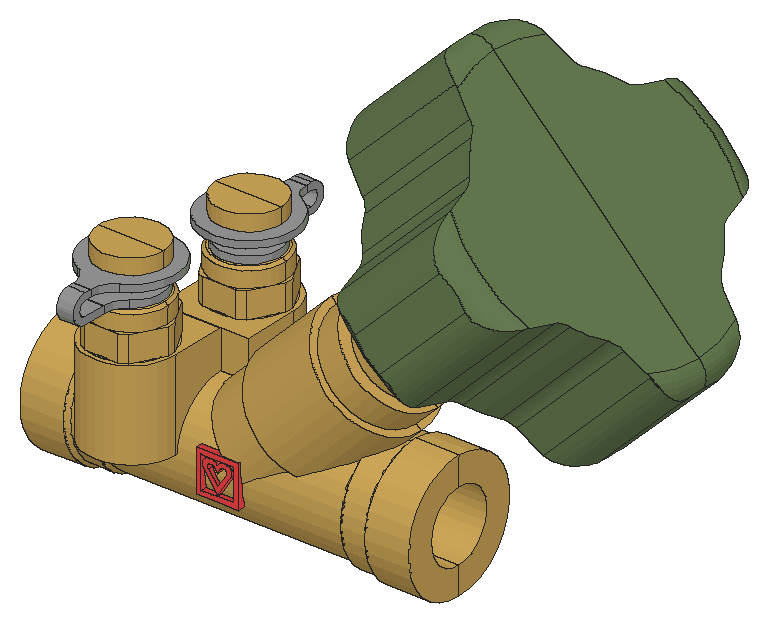
Revit family "Strangregulierventil mit Messblende für Trinkwasseranlagen 4017 MW (LF-MF)", category Rohrzubehör, Revit 2018
Family settings
  Bemaßung runder Anschluss = Durchmesser verwenden
  Teiletyp = Unterbricht
  OmniClass-Nummer = 23.65.55.14
  OmniClass-Titel = Valves for Liquid Services
  Arbeitsebenenbasiert = Nein
  Immer vertikal = Ja
  Beim Laden mit Abzugskörper schneiden = Nein
  Gemeinsam genutzt = Nein
Parameters (values of type "LF")
  kvs-Werte [instance] = if(and(Nennweite = 15.000 mm, LF), 0.46, if(and(Nennweite = 15.000 mm, MF), 0.88, 0))  # 0.46
  kv-Wert der Blende [instance] = if(and(Nennweite = 15.000 mm, LF), 0.48, if(and(Nennweite = 15.000 mm, MF), 0.97, 0))  # 0.48
  W01 = 45.00°  # constant formula
  URL = "www.herz-armaturen.at"
  SW01 = 60.00°  # constant formula
  SCRNSEQ = "FW;SBT_TYP_FW=\"109\";2"
  SCRNCODE = "04;00;02"  # constant formula
  S03 = 60.000 mm  # constant formula
  S02 [instance] = L04 + L06 + L07  # 76.800 mm
  S01 [instance] = D01 * 2  # 27.000 mm
  R03 = 21.500 mm  # constant formula
  R02 = 9.500 mm  # constant formula
  R01 = 12.000 mm  # constant formula
  O-Ringe = "EPDM"  # constant formula
  Medium = "Trinkwasser"  # constant formula
  MF = no
  LF = yes
  L10 [instance] = 28.500 mm  # constant formula
  L09 [instance] = 22.500 mm  # constant formula
  L08 [instance] = 12.700 mm  # constant formula
  L07 [instance] = 35.100 mm  # constant formula
  L06 [instance] = 6.500 mm  # constant formula
  L05 [instance] = 20.200 mm  # constant formula
  L04 [instance] = 35.200 mm  # constant formula
  L03 [instance] = 1.000 mm  # constant formula
  Hinweis = "Gemäß Art 33 der REACH-Verordnung (EG Nr. 1907/2006) sind wir verpflichtet, darauf hinzuweisen, dass der Stoff Blei auf der SVHC-Liste geführt wird und dass alle aus Messing bestehenden Bauteile, die in unseren Erzeugnissen verarbeitet sind, mehr als 0,1 % (w/w) Blei (CAS: 7439-92-1 / EINECS: 231-100-4) enthalten.\r\nDa Blei als Legierungsbestandteil fest gebunden ist, sind keine Expositionen zu erwarten und daher sind keine zusätzlichen Angaben zur sicheren Verwendung notwendig."
  Handrad = "Kunststoff, grün"  # constant formula
  H03 [instance] = H01 - 19.000 mm  # 1.000 mm
  H02 = 13.000 mm  # constant formula
  Gehäuse = "entzinkungsbeständiges Messing (DZR)"  # constant formula
  E01 [instance] = L00 / -2  # -41.500 mm
  E00 = 0.000 mm  # constant formula
  D09 [instance] = 11.750 mm  # constant formula
  D08 [instance] = 9.500 mm  # constant formula
  D07 [instance] = 12.000 mm  # constant formula
  D06 [instance] = 13.500 mm  # constant formula
  D05 [instance] = 12.500 mm  # constant formula
  D04 [instance] = Nennweite / 2  # 7.500 mm
  IG [instance] = Nennweite / 2  # 7.500 mm
  D03 [instance] = 11.900 mm  # constant formula
  D02 [instance] = 12.700 mm  # constant formula
  D01 [instance] = 13.500 mm  # constant formula
  Nennweite [instance] = 15.000 mm  # constant formula
  Max. Differenzdruck bei geschlossenen Sitz = 1000000.0 Pa  # constant formula
  Max. Betriebstemperatur bei 10 bar = 85 °C  # constant formula
  Max. Betriebsdruck bei 20°C = 2000000.0 Pa  # constant formula
  L02 [instance] = 5.000 mm  # constant formula
  L01 [instance] = 9.250 mm  # constant formula
  L00 [instance] = 83.000 mm  # constant formula
  Hersteller = "HERZ Armaturen Ges.m.b.H."  # constant formula
  H01 [instance] = 20.000 mm  # constant formula
  GT [instance] = 13.200 mm  # constant formula
  DN15 [instance] = Nennweite = 15.000 mm  # yes
  Bestellnummer [instance] = if(and(Nennweite = 15.000 mm, LF), 2401700, if(and(Nennweite = 15.000 mm, MF), 2401709, 0))  # 2401700
  Ausführung = "Nach Norm BS 7350 PN20 Serie B\r\nSchrägsitzregulierventil aus Kupferlegierung.\r\nAlle wasserberührten Metallteile sind aus entzinkungsbeständiger Kupferlegierung hergestellt.\r\nDie Oberteile sind mit nichtsteigender Spindel ausgestattet."
  Anwendungsgebiet = "Zum Absperren und Regulieren von Trinkwasseranlagen in Gebäuden bzw. zum hydraulischen Abgleich von Versorgungsleitungen."
Types (3, lengths in mm): name | kvs-Werte | kv-Wert der Blende | MF | LF | Bestellnummer
  (no name) | 0.46 | 0.48 | no | yes | 2401700
  LF | 0.46 | 0.48 | no | yes | 2401700
  MF | 0.88 | 0.97 | yes | no | 2401709
Reference planes
  plane 1 "Mitte (Vorne/hinten)": y = 0
  plane 2: z = 0
  plane 3 "Mitte (Links/rechts)": x = 0
Forms (mm)
  Revolve 1, solid, material "Messing, weicher Gelbton, geschweißt", detail levels fine
    sketch origin (470, 0, 0) x (1, 0, 0) y (0, 0, 1)
      loop
        line (-511.5, 7.5) -> (-498.3, 7.5) -> (-498.3, 0) -> (-441.7, 0) -> (-441.7, 7.5) -> (-428.5, 7.5) -> (-428.5, 13.5) -> (-437.75, 13.5) -> (-438.55, 12.7) -> (-443.55, 12.7) -> (-444.35, 11.9) -> (-495.65, 11.9) -> (-496.45, 12.7) -> (-501.45, 12.7) -> (-502.25, 13.5) -> (-511.5, 13.5) -> (-511.5, 7.5)
      axis (-511.5, 0) -> (-428.5, 0)
    angle from 0 to 360
  Revolve 2, solid, material "Messing, weicher Gelbton, geschweißt", detail levels fine
    sketch origin (0.32, 0, -0.105) x (1, 0, 0) y (0, 0, 1)
      loop
        line (-1.32, 0.105) -> (52.986, 54.411) -> (44.677, 62.719) -> (35.697, 53.739) -> (37.288, 52.148) -> (21.449, 36.309) -> (19.681, 38.076) -> (15.085, 33.48) -> (14.024, 34.541) -> (-0.259, 20.257) -> (0.448, 19.55) -> (-7.098, 12.005) -> (-6.623, 5.408) -> (-1.32, 0.105)
      axis (-1.32, 0.105) -> (52.986, 54.411)
    angle from 0 to 360
  Extrusion 3, solid, material "Messing, weicher Gelbton, geschweißt", detail levels fine
    sketch origin (0, 0, 0) x (1, 0, 0) y (0, 1, 0)
      loop
        arc (-28.5, -12) -> (-19, -21.5) -> (-9.5, -12) r 9.5
        line (-9.5, -12) -> (-9.5, 0) -> (-28.5, 0) -> (-28.5, -12)
    from 1 <- "H03" to 20 <- "H01"
  Extrusion 4, solid, material "Messing, weicher Gelbton, geschweißt", detail levels fine
    sketch origin (0, 0, 0) x (1, 0, 0) y (0, 1, 0)
      loop
        line (-22.5, 12) -> (-22.5, 0) -> (-3.5, 0) -> (-3.5, 12)
        arc (-3.5, 12) -> (-13, 21.5) -> (-22.5, 12) r 9.5
    from 0 to 20 <- "H01"
Lines and regions (mm)
  model lines, detail levels coarse+medium
    curve 1: line (-41.5, 0, 13.5) -> (-41.5, 0, -13.5)
    curve 2: line (-41.5, 0, -13.5) -> (41.5, 0, 13.5)
    curve 3: line (41.5, 0, 13.5) -> (41.5, 0, -13.5)
    curve 4: line (41.5, 0, -13.5) -> (-41.5, 0, 13.5)
    curve 5: line (0, 0, 0) -> (38.4, 0, 66.511)
    curve 6: line (12.419, 0, 81.511) -> (64.381, 0, 51.511)
    curve 7: line (-41.5, -13.5, 0) -> (-41.5, 13.5, 0)
    curve 8: line (-41.5, 13.5, 0) -> (41.5, -13.5, 0)
    curve 9: line (41.5, -13.5, 0) -> (41.5, 13.5, 0)
    curve 10: line (41.5, 13.5, 0) -> (-41.5, -13.5, 0)
    curve 11: line (0, 0, 0) -> (38.4, 66.511, 0)
    curve 12: line (12.419, 81.511, 0) -> (64.381, 51.511, 0)
Dimensions and locks
  "L00": Revolve 1 sketch curve to Revolve 1 sketch curve
  equal spacing: Revolve 1 sketch curve, plane 3 "Mitte (Links/rechts)", Revolve 1 sketch curve
  "D01": Revolve 1 sketch curve to Revolve 1 sketch curve  (x2)
  "GT": Revolve 1 sketch curve to Revolve 1 sketch curve  (x2)
  "D06": Revolve 2 sketch curve to Revolve 2 sketch curve
  "D07": Revolve 2 sketch curve to Revolve 2 sketch curve
  "D08": Revolve 2 sketch curve to Revolve 2 sketch curve
  "D09": Revolve 2 sketch curve to Revolve 2 sketch curve
  equal spacing: curve 1, plane 3 "Mitte (Links/rechts)", curve 3
  "L00": curve 1 to curve 3
  equal spacing: curve 4, plane 2, curve 2
  "S01": curve 4 to curve 1
  "S01": curve 3 to curve 4
  equal spacing: curve 3, plane 2, curve 4
  "S02": curve 5 to curve 5
  equal spacing: curve 6, curve 5, curve 6
  "S03": curve 6 to curve 6
  equal spacing: curve 7, plane 3 "Mitte (Links/rechts)", curve 9
  "L00": curve 7 to curve 9
  equal spacing: curve 10, plane 1 "Mitte (Vorne/hinten)", curve 8
  "S01": curve 8 to curve 10
  equal spacing: curve 9, plane 1 "Mitte (Vorne/hinten)", curve 10
  "S01": curve 10 to curve 9
  "S02": curve 11 to curve 11
  equal spacing: curve 12, curve 11, curve 12
  "S03": curve 12 to curve 12
  "L01": Revolve 1 sketch curve to Revolve 1 sketch curve  (x2)
  "D02": Revolve 1 sketch curve to plane 2  (x2)
  "D03": Revolve 1 sketch curve to plane 2
  "IG": Revolve 1 sketch curve to plane 2  (x2)
  "L02": Revolve 1 sketch curve to Revolve 1 sketch curve  (x2)
  "L04": Revolve 2 sketch curve to Revolve 2 sketch curve
  "L05": Revolve 2 sketch curve to Revolve 2 sketch curve
  "D03": Revolve 2 sketch curve to plane 2
  "L06": Revolve 2 sketch curve to Revolve 2 sketch curve
  "L08": Revolve 2 sketch curve to Revolve 2 sketch curve
  "L07": Revolve 2 sketch curve to Revolve 2 sketch curve
  "D04": Revolve 2 sketch curve to Revolve 2 sketch curve
  "D05": Revolve 2 sketch curve to Revolve 2 sketch curve
  "L03": plane 3 "Mitte (Links/rechts)" to Revolve 2 sketch curve  (x2)
  "D03": nested 1 to plane 1 "Mitte (Vorne/hinten)"
  "L09": Revolve 1 to Extrusion 3 sketch curve
  "R01": Extrusion 3 sketch curve to plane 1 "Mitte (Vorne/hinten)"
  "R01": plane 1 "Mitte (Vorne/hinten)" to Extrusion 4 sketch curve
  "L10": Revolve 1 to Extrusion 4 sketch curve
  "H01": nested 3 to plane 2
  "H01": nested 2 to plane 2
  "R01": nested 3 to plane 1 "Mitte (Vorne/hinten)"
  "R01": plane 1 "Mitte (Vorne/hinten)" to nested 2
  "L10": Revolve 1 to nested 2
  "L09": Revolve 1 to nested 3
  "R02": radius of Extrusion 3 sketch curve
  "R02": radius of Extrusion 4 sketch curve
  "W01": angle level to Revolve 2 sketch curve
  "SW01": angle plane 2 to curve 5
  "SW01": angle plane 1 "Mitte (Vorne/hinten)" to curve 11
  "W01": angle Revolve 1 sketch curve to Revolve 1 sketch curve  (x4)
  "W01": angle plane 2 to Revolve 2 sketch curve
  aligned and locked: level to plane 2
Automatic sketch dimensions
  curve 5 to level = 0.000 mm
  plane 1 "Mitte (Vorne/hinten)" to curve 11 = 0.000 mm
  Revolve 1 sketch curve to level = 0.000 mm  (x2)
  Revolve 1 sketch curve to Revolve 1 sketch curve = 791.990 mm
  Revolve 1 sketch curve to Revolve 1 sketch curve = 2278.983 mm
  Revolve 2 sketch curve to level = 0.000 mm  (x2)
  plane 1 "Mitte (Vorne/hinten)" to Extrusion 3 sketch curve = 0.000 mm
  plane 1 "Mitte (Vorne/hinten)" to Extrusion 4 sketch curve = 0.000 mm
Nested families
  nested 1: "Herz-Logo-vorne" at (0, -11.9, 0) x (0, 1, 0) z (0, 0, 1), type "Herz-Logo-vorne", detail levels fine
  nested 2: "Messstutzen_Band_Austritt_senkrecht_(oben)" at (-13, 12, 2.5), type "Messstutzen_Band_Austritt_senkrecht_(oben)"
    with Schutzkappe yes, Nennweite 0.000 mm, Gewicht 0.00 kg, Bestellnummer 0
  nested 3: "Messstutzen_Band_Eintritt_senkrecht_(oben)" at (-19, -12, 2.5) x (-1, 0, 0) z (0, 0, 1), type "Messstutzen_Band_Eintritt_senkrecht_(oben)"
    with Schutzkappe yes, Nennweite 0.000 mm, Gewicht 0.00 kg, Bestellnummer 0
  nested 4: "Strangregulierventil-Handrad (Grün) DN15-DN32" at (53.306, 0, 54.306), visible <- "DN15", type "Strangregulierventil-Handrad (Grün) DN15-DN32"
    with Nennweite 0.000 mm, Gewicht 0.00 kg, Bestellnummer 0
Connectors
  piping at (-28.3, 0, 0), diameter 15, driven by "Nennweite"
    settings: on Revolve 1, index 1, connector inside diameter 609.6 mm, connector length 0.000 mm, flow factor 0, pipe flow 0.0 L/s, pressure drop 0.0 Pa, fitting loss kfactor 0, connector angle 0.00°, fixture units 0, engagement length 0.000 mm, angle of deflection 0.00°, flow configuration 0, flow direction 1, fitting loss method 0, system type 29, joint type 0, gender type 0, connector reference index -1, connector utility 0, adjustable connector no, is connector primary yes, connector description ""
  piping at (28.3, 0, 0), diameter 15, driven by "Nennweite"
    settings: on Revolve 1, index 2, connector inside diameter 609.6 mm, connector length 0.000 mm, flow factor 0, pipe flow 0.0 L/s, pressure drop 0.0 Pa, fitting loss kfactor 0, connector angle 0.00°, fixture units 0, engagement length 0.000 mm, angle of deflection 0.00°, flow configuration 0, flow direction 2, fitting loss method 0, system type 29, joint type 0, gender type 0, connector reference index -1, connector utility 0, adjustable connector no, is connector primary no, connector description ""
Definition of nested family "Herz-Logo-vorne"
  Reference planes
    plane 1 "Mitte (Vorne/hinten)": y = 0
    plane 2: z = 0
    plane 3 "Mitte (Links/rechts)": x = 0
  Forms (mm)
    Extrusion 1, solid
      sketch origin (0.732, -0.018, 0.017) x (0, -1, 0) y (0, 0, 1)
        loop
          line (-0.018, -4.517) -> (4.482, -4.517) -> (4.482, 4.483) -> (-4.518, 4.483) -> (-4.518, -4.517) -> (-0.018, -4.517)
        loop
          line (-0.05, -3.48) -> (3.482, -3.48) -> (3.482, 3.483) -> (-3.518, 3.483) -> (-3.518, -3.48) -> (-0.05, -3.48)
        loop
          arc (-0.018, 2.383) -> (-1.543, 3.287) -> (-3.067, 2.383) r 1.738
          arc (-3.067, 2.383) -> (-3.191, 1.899) -> (-3.067, 1.415) r 1.009
          line (-3.067, 1.415) -> (-0.018, -3.281) -> (3.032, 1.415)
          arc (3.032, 1.415) -> (3.156, 1.899) -> (3.032, 2.383) r 1.009
          arc (3.032, 2.383) -> (1.507, 3.287) -> (-0.018, 2.383) r 1.738
        loop
          arc (1.885, 1.272) -> (2.005, 1.675) -> (1.885, 2.079) r 0.74
          arc (1.885, 2.079) -> (1.265, 2.416) -> (0.644, 2.079) r 0.74
          line (0.644, 2.079) -> (-0.018, 0.97) -> (-0.679, 2.079)
          arc (-0.679, 2.079) -> (-1.3, 2.416) -> (-1.921, 2.079) r 0.74
          arc (-1.921, 2.079) -> (-2.04, 1.675) -> (-1.921, 1.272) r 0.74
          line (-1.921, 1.272) -> (-0.018, -1.658) -> (1.885, 1.272)
      from 0 to 1.5
  Dimensions and locks
    aligned and locked: level to plane 2
Definition of nested family "Messstutzen_Band_Austritt_senkrecht_(oben)"
  Parameters (values of type "Messstutzen_Band_Austritt_senkrecht_(oben)")
    URL = "www.herz-armaturen.at"
    Schutzkappe [instance] = yes
    Nennweite [instance] = 0.000 mm
    Manufacturer = "Herz Armaturen GmbH"  # constant formula
    Gewicht [instance] = 0.00 kg
    Bestellnummer [instance] = 0
  Reference planes
    plane 1 "Mitte (Vorne/hinten)": y = 0
    plane 2: z = 0
    plane 3 "Mitte (Links/rechts)": x = 0
    plane 4 "Schlaufe 1": z = -27
    plane 5 "Schlaufe 2": z = -31.678
  Forms (mm)
    Revolve 1, solid, detail levels fine
      sketch origin (0, 0, 0) x (1, 0, 0) y (0, 0, 1)
        loop
          line (-7.4, 9) -> (-5.55, 9) -> (-5.55, 6)
          arc (-5.55, 6) -> (-5.626, 5.617) -> (-5.843, 5.293) r 1
          line (-5.843, 5.293) -> (-6.455, 4.681) -> (-6.455, 0.9) -> (-5.555, 0) -> (-2, 0) -> (-2, 17.5) -> (-8.4, 17.5)
          arc (-8.4, 17.5) -> (-7.693, 17.207) -> (-7.4, 16.5) r 1
          line (-7.4, 16.5) -> (-7.4, 9)
        loop
          line (-3.7, 27) -> (-7.3, 27) -> (-7.9, 26.4) -> (-7.9, 23) -> (-2, 23) -> (-2, 35.8) -> (-3.805, 35.8) -> (-4.415, 35.19) -> (-4.415, 30.863) -> (-3.7, 30.45) -> (-3.7, 27)
        axis (0, 0) -> (0, 35.8)
      angle from 0 to 360
    Extrusion 2, solid, detail levels fine
      sketch origin (0, 0, 17.5) x (0, 1, 0) y (-1, 0, 0)
        loop
          arc (-7.07, 5.156) -> (-7.578, 4.375) -> (-8, 3.544) r 8.75
          line (-8, 3.544) -> (-8, -3.544)
          arc (-8, -3.544) -> (-7.578, -4.375) -> (-7.07, -5.156) r 8.75
          line (-7.07, -5.156) -> (-0.93, -8.7)
          arc (-0.93, -8.7) -> (0, -8.75) -> (0.93, -8.7) r 8.75
          line (0.93, -8.7) -> (7.07, -5.156)
          arc (7.07, -5.156) -> (7.578, -4.375) -> (8, -3.544) r 8.75
          line (8, -3.544) -> (8, 3.544)
          arc (8, 3.544) -> (7.578, 4.375) -> (7.07, 5.156) r 8.75
          line (7.07, 5.156) -> (0.93, 8.7)
          arc (0.93, 8.7) -> (0, 8.75) -> (-0.93, 8.7) r 8.75
          line (-0.93, 8.7) -> (-7.07, 5.156)
      from 0 to 5.5
    Revolve 3, solid, visible <- "Schutzkappe", detail levels fine
      sketch origin (0, 0, 0) x (1, 0, 0) y (0, 0, 1)
        loop
          line (0, 35.878) -> (0, 36.678) -> (-7, 36.678) -> (-7, 33.378) -> (-6.1, 33.378) -> (-6.1, 31.678) -> (-6.9, 31.678) -> (-6.9, 30.178) -> (-4.415, 30.178) -> (-4.415, 35.268) -> (-3.805, 35.878) -> (0, 35.878)
        axis (0, 30.178) -> (0, 36.678)
      angle from 0 to 360
    Extrusion 4, solid, detail levels fine
      sketch origin (0, 0, 28.5) x (1, 0, 0) y (0, 1, 0)
        loop
          circle (0, 0) r 3.7
        loop
          arc (-3.906, 5.505) -> (0, -6.75) -> (3.906, 5.505) r 6.75
          arc (3.906, 5.505) -> (2.358, 7.288) -> (1.8, 9.582) r 5
          line (1.8, 9.582) -> (-1.8, 9.582)
          arc (-1.8, 9.582) -> (-2.358, 7.288) -> (-3.906, 5.505) r 5
      from 0 to -1.5
    Extrusion 5, solid, detail levels fine
      sketch origin (0, 0, 33.178) x (1, 0, 0) y (0, 1, 0)
        loop
          circle (0, 0) r 6.1
        loop
          arc (-4.495, 8.652) -> (0, -9.75) -> (4.495, 8.652) r 9.75
          arc (4.495, 8.652) -> (2.527, 10.493) -> (1.8, 13.089) r 5
          line (1.8, 13.089) -> (-1.8, 13.089)
          arc (-1.8, 13.089) -> (-2.527, 10.493) -> (-4.495, 8.652) r 5
      from 0 to -1.5
    Sweep 6, solid, detail levels fine
      path origin (0, 0, 0) x (0, 0, -1) y (0, -1, 0)
        loop
          line (-27.75, -9.582) -> (-27.75, -14.522)
          arc (-27.75, -14.522) -> (-30.089, -16.862) -> (-32.428, -14.522) r 2.339
          line (-32.428, -14.522) -> (-32.428, -13.089)
      profile origin (0, 12.052, 27.75) x (0, 0, 1) y (1, 0, 0)
        loop
          line (-0.75, -1.8) -> (0.75, -1.8) -> (0.75, 1.8) -> (-0.75, 1.8) -> (-0.75, -1.8)
  Dimensions and locks
    aligned and locked: level to plane 2
Definition of nested family "Messstutzen_Band_Eintritt_senkrecht_(oben)"
  Parameters (values of type "Messstutzen_Band_Eintritt_senkrecht_(oben)")
    URL = "www.herz-armaturen.at"
    Schutzkappe [instance] = yes
    Nennweite [instance] = 0.000 mm
    Manufacturer = "Herz Armaturen GmbH"  # constant formula
    Gewicht [instance] = 0.00 kg
    Bestellnummer [instance] = 0
  Reference planes
    plane 1 "Mitte (Vorne/hinten)": y = 0
    plane 2: z = 0
    plane 3 "Mitte (Links/rechts)": x = 0
    plane 4 "Schlaufe 1": z = -27
    plane 5 "Schlaufe 2": z = -31.678
  Forms (mm)
    Revolve 1, solid, detail levels fine
      sketch origin (0, 0, 0) x (1, 0, 0) y (0, 0, 1)
        loop
          line (-7.4, 9) -> (-5.55, 9) -> (-5.55, 6)
          arc (-5.55, 6) -> (-5.626, 5.617) -> (-5.843, 5.293) r 1
          line (-5.843, 5.293) -> (-6.455, 4.681) -> (-6.455, 0.9) -> (-5.555, 0) -> (-2, 0) -> (-2, 17.5) -> (-8.4, 17.5)
          arc (-8.4, 17.5) -> (-7.693, 17.207) -> (-7.4, 16.5) r 1
          line (-7.4, 16.5) -> (-7.4, 9)
        loop
          line (-3.7, 27) -> (-7.3, 27) -> (-7.9, 26.4) -> (-7.9, 23) -> (-2, 23) -> (-2, 35.8) -> (-3.805, 35.8) -> (-4.415, 35.19) -> (-4.415, 30.863) -> (-3.7, 30.45) -> (-3.7, 27)
        axis (0, 0) -> (0, 35.8)
      angle from 0 to 360
    Extrusion 2, solid, detail levels fine
      sketch origin (0, 0, 17.5) x (0, 1, 0) y (-1, 0, 0)
        loop
          arc (-7.07, 5.156) -> (-7.578, 4.375) -> (-8, 3.544) r 8.75
          line (-8, 3.544) -> (-8, -3.544)
          arc (-8, -3.544) -> (-7.578, -4.375) -> (-7.07, -5.156) r 8.75
          line (-7.07, -5.156) -> (-0.93, -8.7)
          arc (-0.93, -8.7) -> (0, -8.75) -> (0.93, -8.7) r 8.75
          line (0.93, -8.7) -> (7.07, -5.156)
          arc (7.07, -5.156) -> (7.578, -4.375) -> (8, -3.544) r 8.75
          line (8, -3.544) -> (8, 3.544)
          arc (8, 3.544) -> (7.578, 4.375) -> (7.07, 5.156) r 8.75
          line (7.07, 5.156) -> (0.93, 8.7)
          arc (0.93, 8.7) -> (0, 8.75) -> (-0.93, 8.7) r 8.75
          line (-0.93, 8.7) -> (-7.07, 5.156)
      from 0 to 5.5
    Revolve 3, solid, visible <- "Schutzkappe", detail levels fine
      sketch origin (0, 0, 0) x (1, 0, 0) y (0, 0, 1)
        loop
          line (0, 35.878) -> (0, 36.678) -> (-7, 36.678) -> (-7, 33.378) -> (-6.1, 33.378) -> (-6.1, 31.678) -> (-6.9, 31.678) -> (-6.9, 30.178) -> (-4.415, 30.178) -> (-4.415, 35.268) -> (-3.805, 35.878) -> (0, 35.878)
        axis (0, 30.178) -> (0, 36.678)
      angle from 0 to 360
    Extrusion 4, solid, detail levels fine
      sketch origin (0, 0, 28.5) x (1, 0, 0) y (0, 1, 0)
        loop
          circle (0, 0) r 3.7
        loop
          arc (-3.906, 5.505) -> (0, -6.75) -> (3.906, 5.505) r 6.75
          arc (3.906, 5.505) -> (2.358, 7.288) -> (1.8, 9.582) r 5
          line (1.8, 9.582) -> (-1.8, 9.582)
          arc (-1.8, 9.582) -> (-2.358, 7.288) -> (-3.906, 5.505) r 5
      from 0 to -1.5
    Extrusion 5, solid, detail levels fine
      sketch origin (0, 0, 33.178) x (1, 0, 0) y (0, 1, 0)
        loop
          circle (0, 0) r 6.1
        loop
          arc (-4.495, 8.652) -> (0, -9.75) -> (4.495, 8.652) r 9.75
          arc (4.495, 8.652) -> (2.527, 10.493) -> (1.8, 13.089) r 5
          line (1.8, 13.089) -> (-1.8, 13.089)
          arc (-1.8, 13.089) -> (-2.527, 10.493) -> (-4.495, 8.652) r 5
      from 0 to -1.5
    Sweep 6, solid, detail levels fine
      path origin (0, 0, 0) x (0, 0, -1) y (0, -1, 0)
        loop
          line (-27.75, -9.582) -> (-27.75, -14.522)
          arc (-27.75, -14.522) -> (-30.089, -16.862) -> (-32.428, -14.522) r 2.339
          line (-32.428, -14.522) -> (-32.428, -13.089)
      profile origin (0, 12.052, 27.75) x (0, 0, 1) y (1, 0, 0)
        loop
          line (-0.75, -1.8) -> (0.75, -1.8) -> (0.75, 1.8) -> (-0.75, 1.8) -> (-0.75, -1.8)
  Dimensions and locks
    aligned and locked: level to plane 2
Definition of nested family "Strangregulierventil-Handrad (Grün) DN15-DN32"
  Parameters (values of type "Strangregulierventil-Handrad (Grün) DN15-DN32")
    URL = "www.herz-armaturen.at"
    Nennweite [instance] = 0.000 mm
    Manufacturer = "Herz Armaturen GmbH"  # constant formula
    Gewicht [instance] = 0.00 kg
    Bestellnummer [instance] = 0
  Reference planes
    plane 1 "Mitte (Vorne/hinten)": y = 0
    plane 2: z = 0
    plane 3 "Mitte (Links/rechts)": x = 0
  Forms (mm)
    Revolve 1, solid, detail levels fine
      sketch origin (0, 0, 0) x (0.707107, 0, -0.707107) y (0.707107, 0, 0.707107)
        loop
          line (0, 0) -> (0, 24.95) -> (-30.992, 24.95)
          arc (-30.992, 24.95) -> (-34.37, 23.636) -> (-35.973, 20.386) r 5
          line (-35.973, 20.386) -> (-37, 8.65) -> (-35.986, -2.936)
          arc (-35.986, -2.936) -> (-34.383, -6.186) -> (-31.005, -7.5) r 5
          line (-31.005, -7.5) -> (-15, -7.5) -> (-15, 0) -> (0, 0)
        axis (0, 24.95) -> (0, -7.5)
      angle from 0 to 360
    Extrusion 2, void
      sketch origin (14.354, 0, 14.354) x (0.707107, 0, -0.707107) y (0, 1, 0)
        loop
          line (3.861, 35.5) -> (-3.861, 35.5)
          arc (-3.861, 35.5) -> (-8.731, 33.847) -> (-11.589, 29.571) r 8
          line (-11.589, 29.571) -> (-13.284, 23.245)
          arc (-13.284, 23.245) -> (-13.982, 21.722) -> (-15.144, 20.516) r 5
          arc (-15.144, 20.516) -> (-18.031, 18.031) -> (-20.516, 15.144) r 25.5
          arc (-20.516, 15.144) -> (-21.722, 13.982) -> (-23.245, 13.284) r 5
          line (-23.245, 13.284) -> (-29.571, 11.589)
          arc (-29.571, 11.589) -> (-33.847, 8.731) -> (-35.5, 3.861) r 8
          line (-35.5, 3.861) -> (-35.5, -3.861)
          arc (-35.5, -3.861) -> (-33.847, -8.731) -> (-29.571, -11.589) r 8
          line (-29.571, -11.589) -> (-23.245, -13.284)
          arc (-23.245, -13.284) -> (-21.722, -13.982) -> (-20.516, -15.144) r 5
          arc (-20.516, -15.144) -> (-18.031, -18.031) -> (-15.144, -20.516) r 25.5
          arc (-15.144, -20.516) -> (-13.982, -21.722) -> (-13.284, -23.245) r 5
          line (-13.284, -23.245) -> (-11.589, -29.571)
          arc (-11.589, -29.571) -> (-8.731, -33.847) -> (-3.861, -35.5) r 8
          line (-3.861, -35.5) -> (3.861, -35.5)
          arc (3.861, -35.5) -> (8.731, -33.847) -> (11.589, -29.571) r 8
          line (11.589, -29.571) -> (13.284, -23.245)
          arc (13.284, -23.245) -> (13.982, -21.722) -> (15.144, -20.516) r 5
          arc (15.144, -20.516) -> (18.031, -18.031) -> (20.516, -15.144) r 25.5
          arc (20.516, -15.144) -> (21.722, -13.982) -> (23.245, -13.284) r 5
          line (23.245, -13.284) -> (29.571, -11.589)
          arc (29.571, -11.589) -> (33.847, -8.731) -> (35.5, -3.861) r 8
          line (35.5, -3.861) -> (35.5, 3.861)
          arc (35.5, 3.861) -> (33.847, 8.731) -> (29.571, 11.589) r 8
          line (29.571, 11.589) -> (23.245, 13.284)
          arc (23.245, 13.284) -> (21.722, 13.982) -> (20.516, 15.144) r 5
          arc (20.516, 15.144) -> (18.031, 18.031) -> (15.144, 20.516) r 25.5
          arc (15.144, 20.516) -> (13.982, 21.722) -> (13.284, 23.245) r 5
          line (13.284, 23.245) -> (11.589, 29.571)
          arc (11.589, 29.571) -> (8.731, 33.847) -> (3.861, 35.5) r 8
        loop
          circle (0, 0) r 38
      from -31.266 to 7.923
  Cuts and joins
    Extrusion 2 cuts Revolve 1
  Dimensions and locks
    Revolve 1 sketch curve to Revolve 1 sketch curve = 15.000 mm
    Revolve 1 sketch curve to Revolve 1 sketch curve = 16.150 mm
    Revolve 1 sketch curve to Revolve 1 sketch curve = 16.300 mm
    angle Revolve 1 sketch curve to Revolve 1 sketch curve = 95.00°
    aligned and locked: level to plane 2
